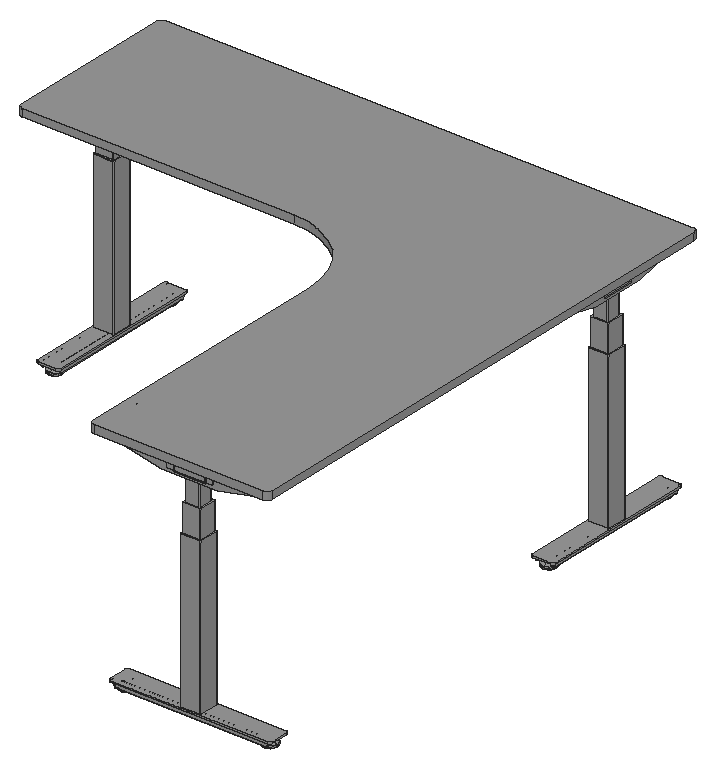
Revit family "3-Leg upCentric_72x72_Right", category Furniture, Revit 2014 (continued)
Definition of nested family "3-Leg upCentric_72x72_Left"
  Automatic sketch dimensions
    Extrusion 49 sketch curve to plane 5 = 0.27487"
    Extrusion 49 sketch curve to Extrusion 49 sketch curve = 0.11739"
    Extrusion 49 sketch curve to Extrusion 49 sketch curve = 0"  (x3)
    Extrusion 49 sketch curve to plane 1 "Center (Front/Back)" = 1.25975"
    Sweep 50 sketch curve to Extrusion 49 = 0.11209"
    Sweep 50 sketch curve to Sweep 50 sketch curve = 0.02062"
    Sweep 50 sketch curve to Sweep 50 sketch curve = 0.03753"
    Sweep 50 sketch curve to Extrusion 49 = 0.14501"
    Sweep 50 sketch curve to Extrusion 49 = 0.1326"
    Sweep 50 sketch curve to Sweep 50 sketch curve = 0.03238"
    Sweep 50 sketch curve to Extrusion 49 = 0.11232"
    Sweep 50 sketch curve to Extrusion 49 = 0.14442"
    Sweep 50 sketch curve to profile plane = 0"  (x2)
    Sweep 50 sketch curve to profile plane = 0.11204"
    Sweep 50 sketch curve to Sweep 50 sketch curve = 0.0814"
    Extrusion 51 sketch curve to Extrusion 49 = 0.16541"
    Extrusion 51 sketch curve to Extrusion 51 sketch curve = 0.06807"
    Extrusion 51 sketch curve to Extrusion 51 sketch curve = 0.06943"
    Extrusion 51 sketch curve to Extrusion 49 = 0.23554"
    Extrusion 51 sketch curve to Extrusion 49 = 0.23547"
    Extrusion 51 sketch curve to Extrusion 51 sketch curve = 0.07003"
    Extrusion 51 sketch curve to Extrusion 49 = 0.1654"
    Extrusion 51 sketch curve to Extrusion 49 = 0.2355"
    Extrusion 52 sketch curve to Extrusion 49 = 0.39379"
    Extrusion 52 sketch curve to Extrusion 52 sketch curve = 0.11789"
    Extrusion 52 sketch curve to Extrusion 52 sketch curve = 0.11814"
    Extrusion 52 sketch curve to Extrusion 49 = 0.51262"
    Extrusion 52 sketch curve to Extrusion 49 = 0.51108"
    Extrusion 52 sketch curve to Extrusion 52 sketch curve = 0.11737"
    Extrusion 52 sketch curve to Extrusion 49 = 0.39369"
    Extrusion 52 sketch curve to Extrusion 49 = 0.5116"
    Extrusion 49 to Extrusion 53 sketch curve = 0.15738"
    Extrusion 49 to Extrusion 53 sketch curve = 0.15741"
    Extrusion 53 sketch curve to Extrusion 49 = 0.19501"
    Extrusion 53 sketch curve to Extrusion 49 = 0.19614"
    Extrusion 53 sketch curve to Extrusion 49 = 0.19747"
    Extrusion 53 sketch curve to Extrusion 49 = 0.19587"
    Extrusion 49 to Extrusion 53 sketch curve = 0.15748"
    Extrusion 49 to Extrusion 53 sketch curve = 9.44883"
    Extrusion 53 sketch curve to Extrusion 53 sketch curve = 0"  (x2)
    Extrusion 49 to Extrusion 53 sketch curve = 9.09386"
    Revolve 54 sketch curve to level = 0"
    level to Revolve 54 sketch curve = 0.20736"
    plane 27 to Revolve 54 sketch curve = 3.78767"
    level to Revolve 54 sketch curve = 0.24507"
    Revolve 54 sketch curve to Revolve 54 sketch curve = 0.02763"
    level to Revolve 54 sketch curve = 0.03758"
    Revolve 54 sketch curve to Revolve 54 sketch curve = 0.71987"
    Revolve 54 sketch curve to Revolve 54 sketch curve = 0.23679"
    level to Revolve 54 sketch curve = 0.47256"
    Revolve 54 sketch curve to Revolve 54 sketch curve = 0"
    Revolve 54 sketch curve to Revolve 54 sketch curve = 0.15913"
    Revolve 54 sketch curve to Revolve 54 sketch curve = 0.31484"
    Revolve 55 sketch curve to level = 0"
    level to Revolve 55 sketch curve = 0.20736"
    Revolve 55 sketch curve to plane 6 = 4.25267"
    level to Revolve 55 sketch curve = 0.24507"
    Revolve 55 sketch curve to Revolve 55 sketch curve = 0.02763"
    level to Revolve 55 sketch curve = 0.03758"
    Revolve 55 sketch curve to Revolve 55 sketch curve = 0.71987"
    Revolve 55 sketch curve to Revolve 55 sketch curve = 0.23679"
    level to Revolve 55 sketch curve = 0.47256"
    Revolve 55 sketch curve to Revolve 55 sketch curve = 0"
    Revolve 55 sketch curve to Revolve 55 sketch curve = 0.31484"
    Revolve 55 sketch curve to Revolve 55 sketch curve = 0.15913"
    level to Extrusion 56 sketch curve = 1.06299"
    Extrusion 56 sketch curve to plane 6 = 4.34961"
    level to Extrusion 56 sketch curve = 0.47221"
    Extrusion 56 sketch curve to Extrusion 56 sketch curve = 0.34109"
    Extrusion 56 sketch curve to Extrusion 56 sketch curve = 0.06779"
    level to Extrusion 56 sketch curve = 0.43307"
    plane 27 to Extrusion 56 sketch curve = 4.2914"
    level to Extrusion 56 sketch curve = 0.47093"
    Extrusion 56 sketch curve to Extrusion 56 sketch curve = 0.06558"
    Extrusion 56 sketch curve to Extrusion 56 sketch curve = 0.34183"
    level to Sweep 57 sketch curve = 0.47221"
    Sweep 57 sketch curve to Sweep 57 sketch curve = 0.06779"
    level to Sweep 57 sketch curve = 0.50879"
    plane 27 to Sweep 57 sketch curve = 4.2914"
    level to Sweep 57 sketch curve = 0.47093"
    Sweep 57 sketch curve to Sweep 57 sketch curve = 0.06558"
    level to Sweep 57 sketch curve = 1.20472"
    level to Sweep 57 sketch curve = 1.06299"
    Sweep 57 sketch curve to Sweep 57 sketch curve = 0.34183"
    Sweep 57 sketch curve to profile plane = 0"
    profile plane to Sweep 57 sketch curve = 0.03937"
    profile plane to Sweep 57 sketch curve = 22.51969"
    Sweep 57 sketch curve to Sweep 57 sketch curve = 0.11811"
    level to Extrusion 58 sketch curve = 1.06299"
    Extrusion 58 sketch curve to plane 6 = 4.34961"
    level to Extrusion 58 sketch curve = 0.47221"
    Extrusion 58 sketch curve to Extrusion 58 sketch curve = 0.34109"
    Extrusion 58 sketch curve to Extrusion 58 sketch curve = 0.06779"
    level to Extrusion 58 sketch curve = 0.43307"
    plane 27 to Extrusion 58 sketch curve = 4.2914"
    level to Extrusion 58 sketch curve = 0.47093"
    Extrusion 58 sketch curve to Extrusion 58 sketch curve = 0.06558"
    Extrusion 58 sketch curve to Extrusion 58 sketch curve = 0.34183"
    level to Sweep 59 sketch curve = 0.47221"
    Sweep 59 sketch curve to plane 6 = 4.6907"
    Sweep 59 sketch curve to Sweep 59 sketch curve = 0.06779"
    level to Sweep 59 sketch curve = 0.50879"
    plane 27 to Sweep 59 sketch curve = 4.2914"
    level to Sweep 59 sketch curve = 0.47093"
    Sweep 59 sketch curve to Sweep 59 sketch curve = 0.06558"
    level to Sweep 59 sketch curve = 1.06299"  (x2)
    Sweep 59 sketch curve to Sweep 59 sketch curve = 0.34109"
    Sweep 59 sketch curve to Sweep 59 sketch curve = 0.34183"
    Sweep 59 sketch curve to profile plane = 0"
    Sweep 59 sketch curve to profile plane = 0.03937"
    profile plane to Sweep 59 sketch curve = 22.51969"
    Sweep 59 sketch curve to Sweep 59 sketch curve = 0.11811"
    Extrusion 60 sketch curve to plane 5 = 1.81102"
    Extrusion 60 sketch curve to Extrusion 60 sketch curve = 0.03937"  (x2)
    Extrusion 60 sketch curve to Extrusion 60 sketch curve = 0.47244"
    level to Extrusion 60 sketch curve = 0.74803"
    Extrusion 60 sketch curve to Extrusion 60 sketch curve = 0.27559"
    Revolve 61 sketch curve to plane 1 "Center (Front/Back)" = 0.71193"
    Revolve 61 sketch curve to Revolve 61 sketch curve = 0.27322"
    Revolve 61 sketch curve to Revolve 61 sketch curve = 0.31418"
    level to Revolve 61 sketch curve = 0.66929"
    Revolve 61 sketch curve to Revolve 61 sketch curve = 0.35275"
    Revolve 61 sketch curve to Revolve 61 sketch curve = 0"
    Revolve 61 sketch curve to Revolve 61 sketch curve = 0.20184"
    Revolve 61 sketch curve to Revolve 61 sketch curve = 0.1063"
    plane 1 "Center (Front/Back)" to Revolve 62 sketch curve = 0.71205"
    Revolve 62 sketch curve to Revolve 62 sketch curve = 0.27322"
    Revolve 62 sketch curve to Revolve 62 sketch curve = 0.31418"
    level to Revolve 62 sketch curve = 0.66929"
    Revolve 62 sketch curve to Revolve 62 sketch curve = 0.35275"
    Revolve 62 sketch curve to Revolve 62 sketch curve = 0"
    Revolve 62 sketch curve to Revolve 62 sketch curve = 0.20184"
    Revolve 62 sketch curve to Revolve 62 sketch curve = 0.1063"
    Revolve 63 sketch curve to plane 1 "Center (Front/Back)" = 0.71193"
    Revolve 63 sketch curve to Revolve 63 sketch curve = 0.27322"
    Revolve 63 sketch curve to Revolve 63 sketch curve = 0.31418"
    level to Revolve 63 sketch curve = 0.66929"
    Revolve 63 sketch curve to Revolve 63 sketch curve = 0.35275"
    Revolve 63 sketch curve to Revolve 63 sketch curve = 0"
    Revolve 63 sketch curve to Revolve 63 sketch curve = 0.20184"
    Revolve 63 sketch curve to Revolve 63 sketch curve = 0.1063"
    plane 1 "Center (Front/Back)" to Revolve 64 sketch curve = 0.71205"
    Revolve 64 sketch curve to Revolve 64 sketch curve = 0.27322"
    Revolve 64 sketch curve to Revolve 64 sketch curve = 0.31418"
    level to Revolve 64 sketch curve = 0.66929"
    Revolve 64 sketch curve to Revolve 64 sketch curve = 0.35275"
    Revolve 64 sketch curve to Revolve 64 sketch curve = 0"
    Revolve 64 sketch curve to Revolve 64 sketch curve = 0.20184"
    Revolve 64 sketch curve to Revolve 64 sketch curve = 0.1063"
    plane 10 to Revolve 65 sketch curve = 0"  (x2)
    Revolve 65 sketch curve to plane 18 = 5.88109"
    Revolve 65 sketch curve to plane 10 = 0.08858"
    Revolve 65 sketch curve to Revolve 65 sketch curve = 0.11563"
    Revolve 65 sketch curve to Revolve 65 sketch curve = 0.02263"  (x2)
    Revolve 65 sketch curve to Revolve 65 sketch curve = 0.1177"
    Revolve 65 sketch curve to Revolve 65 sketch curve = 0.0492"
    plane 10 to Revolve 66 sketch curve = 0"  (x2)
    Revolve 66 sketch curve to plane 18 = 1.93982"
    Revolve 66 sketch curve to plane 10 = 0.08858"
    Revolve 66 sketch curve to Revolve 66 sketch curve = 0.11563"
    Revolve 66 sketch curve to Revolve 66 sketch curve = 0.02263"  (x2)
    Revolve 66 sketch curve to Revolve 66 sketch curve = 0.1177"
    Revolve 66 sketch curve to Revolve 66 sketch curve = 0.0492"
    plane 10 to Revolve 67 sketch curve = 0"  (x2)
    Revolve 67 sketch curve to plane 6 = 7.21804"
    Revolve 67 sketch curve to plane 10 = 0.08858"
    Revolve 67 sketch curve to Revolve 67 sketch curve = 0.11563"
    Revolve 67 sketch curve to Revolve 67 sketch curve = 0.02263"  (x2)
    Revolve 67 sketch curve to Revolve 67 sketch curve = 0.1177"
    Revolve 67 sketch curve to Revolve 67 sketch curve = 0.0492"
    plane 10 to Revolve 68 sketch curve = 0"  (x2)
    Revolve 68 sketch curve to plane 1 "Center (Front/Back)" = 3.65707"
    Revolve 68 sketch curve to plane 10 = 0.08858"
    Revolve 68 sketch curve to Revolve 68 sketch curve = 0.11563"
    Revolve 68 sketch curve to Revolve 68 sketch curve = 0.02263"  (x2)
    Revolve 68 sketch curve to Revolve 68 sketch curve = 0.1177"
    Revolve 68 sketch curve to Revolve 68 sketch curve = 0.0492"
    Revolve 69 sketch curve to plane 5 = 1.19712"
    Revolve 69 sketch curve to plane 1 "Center (Front/Back)" = 3.17271"
    Revolve 69 sketch curve to plane 5 = 1.21896"
    Revolve 69 sketch curve to Revolve 69 sketch curve = 0.02184"
    Revolve 69 sketch curve to plane 5 = 0.97987"
    Revolve 69 sketch curve to Revolve 69 sketch curve = 0.04328"  (x2)
    Revolve 69 sketch curve to Revolve 69 sketch curve = 0.07483"
    Revolve 69 sketch curve to Revolve 69 sketch curve = 0.12063"
    Revolve 69 sketch curve to Revolve 69 sketch curve = 0"
    Revolve 69 sketch curve to Revolve 69 sketch curve = 0.19607"
    Revolve 70 sketch curve to plane 18 = 1.33435"
    Revolve 70 sketch curve to Revolve 70 sketch curve = 0.07483"
    Revolve 70 sketch curve to Revolve 70 sketch curve = 0.09627"
    Revolve 70 sketch curve to Revolve 70 sketch curve = 0.02184"  (x2)
    Revolve 70 sketch curve to plane 5 = 0.98155"
    Revolve 70 sketch curve to Revolve 70 sketch curve = 0.04328"
    Revolve 70 sketch curve to Revolve 70 sketch curve = 0.17398"
    Revolve 70 sketch curve to Revolve 70 sketch curve = 0"
    Revolve 70 sketch curve to Revolve 70 sketch curve = 0.2169"
    Revolve 70 sketch curve to Revolve 70 sketch curve = 0.19607"
    Revolve 71 sketch curve to plane 5 = 1.75268"
    Revolve 71 sketch curve to plane 1 "Center (Front/Back)" = 3.35109"
    Revolve 71 sketch curve to Revolve 71 sketch curve = 0.03129"
    Revolve 71 sketch curve to Revolve 71 sketch curve = 0.27208"
    Revolve 71 sketch curve to Revolve 71 sketch curve = 0.97575"
    Revolve 71 sketch curve to Revolve 71 sketch curve = 0.04282"
    Revolve 71 sketch curve to Revolve 71 sketch curve = 0.30477"
    Revolve 71 sketch curve to Revolve 71 sketch curve = 0.01324"  (x2)
    Revolve 71 sketch curve to Revolve 71 sketch curve = 0.02616"
    Revolve 71 sketch curve to Revolve 71 sketch curve = 0"
    Revolve 71 sketch curve to Revolve 71 sketch curve = 0.1073"
    Revolve 71 sketch curve to Revolve 71 sketch curve = 0.00507"
    Revolve 71 sketch curve to Revolve 71 sketch curve = 0.14739"
    Revolve 71 sketch curve to Revolve 71 sketch curve = 0.4645"
    Revolve 72 sketch curve to plane 18 = 1.63146"
    Revolve 72 sketch curve to Revolve 72 sketch curve = 0.03129"
    Revolve 72 sketch curve to Revolve 72 sketch curve = 0.27208"
    Revolve 72 sketch curve to plane 18 = 0.35235"
    Revolve 72 sketch curve to plane 5 = 1.77884"
    Revolve 72 sketch curve to Revolve 72 sketch curve = 0.02616"
    Revolve 72 sketch curve to Revolve 72 sketch curve = 0.04282"
    Revolve 72 sketch curve to Revolve 72 sketch curve = 0.30477"
    Revolve 72 sketch curve to Revolve 72 sketch curve = 0.01324"
    Revolve 72 sketch curve to Revolve 72 sketch curve = 0"  (x2)
    Revolve 72 sketch curve to Revolve 72 sketch curve = 0.1073"
    Revolve 72 sketch curve to Revolve 72 sketch curve = 0.00507"
    Revolve 72 sketch curve to Revolve 72 sketch curve = 0.14739"
    Revolve 72 sketch curve to Revolve 72 sketch curve = 0.4645"
    plane 10 to Extrusion 73 sketch curve = 0"
    plane 27 to Extrusion 73 sketch curve = 4.4273"
    Extrusion 73 sketch curve to plane 15 = 0.02809"
    Extrusion 73 sketch curve to Extrusion 73 sketch curve = 0.68428"
    Extrusion 73 sketch curve to plane 15 = 0.09244"
    Extrusion 73 sketch curve to Extrusion 73 sketch curve = 0.10658"
    Extrusion 73 sketch curve to plane 17 = 0.04745"
    Extrusion 73 sketch curve to plane 18 = 2.02239"
    Extrusion 73 sketch curve to plane 1 "Center (Front/Back)" = 3.7367"
    Extrusion 73 sketch curve to plane 17 = 0.05436"
    Extrusion 73 sketch curve to Extrusion 73 sketch curve = 5.34072"
    Extrusion 73 sketch curve to plane 15 = 0.09189"
    Extrusion 73 sketch curve to Extrusion 73 sketch curve = 0.03919"
    Extrusion 73 sketch curve to plane 15 = 0.03009"
    Extrusion 73 sketch curve to Extrusion 73 sketch curve = 0.68596"
    Revolve 74 sketch curve to plane 10 = 0.05484"
    plane 24 to Revolve 74 sketch curve = 7.83629"
    Revolve 74 sketch curve to plane 10 = 0.07851"
    Revolve 74 sketch curve to Revolve 74 sketch curve = 0.02367"
    plane 10 to Revolve 74 sketch curve = 0.00023"
    Revolve 74 sketch curve to Revolve 74 sketch curve = 0.13796"
    plane 29 to Revolve 74 sketch curve = 0.0148"
    Revolve 74 sketch curve to Revolve 74 sketch curve = 0.12448"
    Revolve 74 sketch curve to Revolve 74 sketch curve = 0.07107"
    plane 24 to Extrusion 75 sketch curve = 7.17642"
    Extrusion 75 sketch curve to Extrusion 75 sketch curve = 0.19693"
    Extrusion 75 sketch curve to Extrusion 75 sketch curve = 0.19639"
    Extrusion 75 sketch curve to Extrusion 75 sketch curve = 0.39588"
    Extrusion 75 sketch curve to Extrusion 75 sketch curve = 0.2014"
    Extrusion 75 sketch curve to Extrusion 75 sketch curve = 0.19269"
    Extrusion 75 sketch curve to plane 5 = 7.87594"
    Extrusion 75 sketch curve to Extrusion 75 sketch curve = 0.51061"
    Extrusion 75 sketch curve to Extrusion 75 sketch curve = 1.27923"
    Extrusion 75 sketch curve to Extrusion 75 sketch curve = 0.21573"
    Revolve 76 sketch curve to plane 10 = 0.05484"
    plane 24 to Revolve 76 sketch curve = 7.31472"
    Revolve 76 sketch curve to plane 10 = 0.07851"
    Revolve 76 sketch curve to Revolve 76 sketch curve = 0.02367"
    plane 10 to Revolve 76 sketch curve = 0.00023"
    Revolve 76 sketch curve to Revolve 76 sketch curve = 0.13796"
    plane 29 to Revolve 76 sketch curve = 0.0148"
    Revolve 76 sketch curve to Revolve 76 sketch curve = 0.12448"
    Revolve 76 sketch curve to Revolve 76 sketch curve = 0.07107"
    plane 24 to Extrusion 77 sketch curve = 7.96054"
    Extrusion 77 sketch curve to Extrusion 77 sketch curve = 0.11693"
    Extrusion 77 sketch curve to Extrusion 77 sketch curve = 0.27466"
    Extrusion 77 sketch curve to Extrusion 77 sketch curve = 0.27874"
    Extrusion 77 sketch curve to Extrusion 77 sketch curve = 0.11706"
    Extrusion 77 sketch curve to plane 26 = 9.35256"
    Extrusion 77 sketch curve to Extrusion 77 sketch curve = 0.67814"
    Extrusion 77 sketch curve to Extrusion 77 sketch curve = 0.26986"
    Revolve 78 sketch curve to plane 10 = 0.05484"
    plane 24 to Revolve 78 sketch curve = 7.82652"
    Revolve 78 sketch curve to plane 10 = 0.07851"
    Revolve 78 sketch curve to Revolve 78 sketch curve = 0.02367"
    plane 10 to Revolve 78 sketch curve = 0.00023"
    Revolve 78 sketch curve to Revolve 78 sketch curve = 0.13796"
    plane 29 to Revolve 78 sketch curve = 0.0148"
    Revolve 78 sketch curve to Revolve 78 sketch curve = 0.12448"
    Revolve 78 sketch curve to Revolve 78 sketch curve = 0.07107"
    plane 10 to Extrusion 79 sketch curve = 0"
    Extrusion 79 sketch curve to plane 15 = 0.0689"
    plane 24 to Extrusion 79 sketch curve = 4.00744"
    Extrusion 79 sketch curve to Extrusion 79 sketch curve = 0.15748"  (x2)
    Extrusion 79 sketch curve to Extrusion 79 sketch curve = 0.19685"
    plane 10 to Extrusion 79 sketch curve = 0.03668"
    Extrusion 79 sketch curve to Extrusion 79 sketch curve = 0.60382"
    Extrusion 79 sketch curve to Extrusion 79 sketch curve = 0.05762"
    plane 29 to Extrusion 79 sketch curve = 0.01282"
    Extrusion 79 sketch curve to Extrusion 79 sketch curve = 6.31827"
    Extrusion 79 sketch curve to Extrusion 79 sketch curve = 0.03937"
    plane 16 to Extrusion 79 sketch curve = 0.09116"  (x2)
    Revolve 80 sketch curve to plane 10 = 0"  (x2)
    Revolve 80 sketch curve to plane 5 = 2.45989"
    Revolve 80 sketch curve to plane 10 = 0.08858"
    Revolve 80 sketch curve to Revolve 80 sketch curve = 0.11563"
    Revolve 80 sketch curve to Revolve 80 sketch curve = 0.02263"  (x2)
    Revolve 80 sketch curve to Revolve 80 sketch curve = 0.1177"
    Revolve 80 sketch curve to Revolve 80 sketch curve = 0.0492"
    Revolve 81 sketch curve to plane 10 = 0"  (x2)
    Revolve 81 sketch curve to plane 5 = 6.40116"
    Revolve 81 sketch curve to plane 10 = 0.08858"
    Revolve 81 sketch curve to Revolve 81 sketch curve = 0.11563"
    Revolve 81 sketch curve to Revolve 81 sketch curve = 0.02263"  (x2)
    Revolve 81 sketch curve to Revolve 81 sketch curve = 0.1177"
    Revolve 81 sketch curve to Revolve 81 sketch curve = 0.0492"
    Revolve 82 sketch curve to plane 5 = 7.00663"
    Revolve 82 sketch curve to Revolve 82 sketch curve = 0.07483"
    Revolve 82 sketch curve to Revolve 82 sketch curve = 0.09627"
    Revolve 82 sketch curve to Revolve 82 sketch curve = 0.02184"  (x2)
    plane 24 to Revolve 82 sketch curve = 10.19202"
    Revolve 82 sketch curve to Revolve 82 sketch curve = 0.17398"
    Revolve 82 sketch curve to Revolve 82 sketch curve = 0.04328"
    Revolve 82 sketch curve to Revolve 82 sketch curve = 0"
    Revolve 82 sketch curve to Revolve 82 sketch curve = 0.2169"
    Revolve 82 sketch curve to Revolve 82 sketch curve = 0.19607"
    Revolve 83 sketch curve to plane 5 = 6.70952"
    Revolve 83 sketch curve to Revolve 83 sketch curve = 0.03129"
    Revolve 83 sketch curve to Revolve 83 sketch curve = 0.27208"
    Revolve 83 sketch curve to Revolve 83 sketch curve = 0.97575"
    plane 24 to Revolve 83 sketch curve = 10.02081"
    Revolve 83 sketch curve to Revolve 83 sketch curve = 0.01324"
    Revolve 83 sketch curve to Revolve 83 sketch curve = 0.30477"
    Revolve 83 sketch curve to Revolve 83 sketch curve = 0.04282"
    Revolve 83 sketch curve to Revolve 83 sketch curve = 0.02616"
    Revolve 83 sketch curve to Revolve 83 sketch curve = 0"  (x2)
    Revolve 83 sketch curve to Revolve 83 sketch curve = 0.1073"
    Revolve 83 sketch curve to Revolve 83 sketch curve = 0.00507"
    Revolve 83 sketch curve to Revolve 83 sketch curve = 0.14739"
    Revolve 83 sketch curve to Revolve 83 sketch curve = 0.4645"
    plane 16 to Extrusion 84 sketch curve = 0.4958"
    plane 3 "Center (Left/Right)" to Extrusion 84 sketch curve = 9.56486"
    Extrusion 84 sketch curve to Extrusion 84 sketch curve = 1.24202"
    Extrusion 85 sketch curve to plane 10 = 0"
    Extrusion 85 sketch curve to plane 15 = 0.0689"
    plane 9 to Extrusion 85 sketch curve = 15.33901"
    Extrusion 85 sketch curve to Extrusion 85 sketch curve = 0.15748"  (x4)
    Extrusion 85 sketch curve to Extrusion 85 sketch curve = 0.19685"
    plane 10 to Extrusion 85 sketch curve = 0.03668"
    Extrusion 85 sketch curve to Extrusion 85 sketch curve = 0.60382"
    Extrusion 85 sketch curve to Extrusion 85 sketch curve = 0.05762"
    plane 29 to Extrusion 85 sketch curve = 0.01282"
    Extrusion 85 sketch curve to Extrusion 85 sketch curve = 6.31827"
    Extrusion 85 sketch curve to Extrusion 85 sketch curve = 0.03937"
    plane 21 to Extrusion 86 sketch curve = 0.34034"
    plane 30 to Extrusion 86 sketch curve = 13.87565"
    plane 1 "Center (Front/Back)" to Extrusion 86 sketch curve = 1.37714"
    Extrusion 86 sketch curve to Extrusion 86 sketch curve = 0.11741"  (x3)
    Extrusion 86 sketch curve to Extrusion 86 sketch curve = 2.52118"
    plane 21 to Extrusion 86 sketch curve = 0.34032"
    Extrusion 86 sketch curve to Extrusion 86 sketch curve = 0"  (x3)
    Extrusion 86 sketch curve to Extrusion 86 sketch curve = 0.11739"
    plane 1 "Center (Front/Back)" to Extrusion 86 sketch curve = 1.25975"
    Extrusion 86 to Sweep 87 sketch curve = 0.11209"
    Sweep 87 sketch curve to Sweep 87 sketch curve = 0.02062"
    Sweep 87 sketch curve to Sweep 87 sketch curve = 0.03753"
    Extrusion 86 to Sweep 87 sketch curve = 0.14501"
    Extrusion 86 to Sweep 87 sketch curve = 0.1326"
    Sweep 87 sketch curve to Sweep 87 sketch curve = 0.03238"
    Extrusion 86 to Sweep 87 sketch curve = 0.11232"
    Extrusion 86 to Sweep 87 sketch curve = 0.14442"
    Sweep 87 sketch curve to profile plane = 0"  (x2)
    Sweep 87 sketch curve to Sweep 87 sketch curve = 0.11204"
    Sweep 87 sketch curve to Sweep 87 sketch curve = 0.0814"
    Extrusion 86 to Extrusion 88 sketch curve = 0.16541"
    Extrusion 88 sketch curve to Extrusion 88 sketch curve = 0.06807"
    Extrusion 88 sketch curve to Extrusion 88 sketch curve = 0.06943"
    Extrusion 86 to Extrusion 88 sketch curve = 0.23554"
    Extrusion 86 to Extrusion 88 sketch curve = 0.23547"
    Extrusion 88 sketch curve to Extrusion 88 sketch curve = 0.07003"
    Extrusion 86 to Extrusion 88 sketch curve = 0.1654"
    Extrusion 86 to Extrusion 88 sketch curve = 0.2355"
    Extrusion 86 to Extrusion 89 sketch curve = 0.39379"
    Extrusion 89 sketch curve to Extrusion 89 sketch curve = 0.11789"
    Extrusion 89 sketch curve to Extrusion 89 sketch curve = 0.11814"
    Extrusion 86 to Extrusion 89 sketch curve = 0.51262"
    Extrusion 86 to Extrusion 89 sketch curve = 0.51108"
    Extrusion 89 sketch curve to Extrusion 89 sketch curve = 0.11737"
    Extrusion 86 to Extrusion 89 sketch curve = 0.39369"
    Extrusion 86 to Extrusion 89 sketch curve = 0.5116"
    Extrusion 90 sketch curve to Extrusion 86 = 0.15738"
    Extrusion 90 sketch curve to Extrusion 86 = 0.15741"
    Extrusion 86 to Extrusion 90 sketch curve = 0.19501"
    Extrusion 86 to Extrusion 90 sketch curve = 0.19614"
    Extrusion 86 to Extrusion 90 sketch curve = 0.19747"
    Extrusion 86 to Extrusion 90 sketch curve = 0.19587"
    Extrusion 90 sketch curve to Extrusion 86 = 0.15748"
    Extrusion 90 sketch curve to Extrusion 86 = 9.44883"
    Extrusion 90 sketch curve to Extrusion 90 sketch curve = 0"  (x2)
    Extrusion 90 sketch curve to Extrusion 86 = 9.09386"
    Revolve 91 sketch curve to level = 0"
    level to Revolve 91 sketch curve = 0.20736"
    plane 27 to Revolve 91 sketch curve = 3.78767"
    level to Revolve 91 sketch curve = 0.24507"
    Revolve 91 sketch curve to Revolve 91 sketch curve = 0.02763"
    level to Revolve 91 sketch curve = 0.03758"
    Revolve 91 sketch curve to Revolve 91 sketch curve = 0.71987"
    Revolve 91 sketch curve to Revolve 91 sketch curve = 0.23679"
    level to Revolve 91 sketch curve = 0.47256"
    Revolve 91 sketch curve to Revolve 91 sketch curve = 0"
    Revolve 91 sketch curve to Revolve 91 sketch curve = 0.31484"
    Revolve 91 sketch curve to Revolve 91 sketch curve = 0.15913"
    Revolve 92 sketch curve to level = 0"
    level to Revolve 92 sketch curve = 0.20736"
    Revolve 92 sketch curve to plane 6 = 4.25267"
    level to Revolve 92 sketch curve = 0.24507"
    Revolve 92 sketch curve to Revolve 92 sketch curve = 0.02763"
    level to Revolve 92 sketch curve = 0.03758"
    Revolve 92 sketch curve to Revolve 92 sketch curve = 0.71987"
    Revolve 92 sketch curve to Revolve 92 sketch curve = 0.23679"
    level to Revolve 92 sketch curve = 0.47256"
    Revolve 92 sketch curve to Revolve 92 sketch curve = 0"
    Revolve 92 sketch curve to Revolve 92 sketch curve = 0.15913"
    Revolve 92 sketch curve to Revolve 92 sketch curve = 0.31484"
    level to Extrusion 93 sketch curve = 1.06299"
    Extrusion 93 sketch curve to plane 6 = 4.34961"
    level to Extrusion 93 sketch curve = 0.47221"
    Extrusion 93 sketch curve to Extrusion 93 sketch curve = 0.34109"
    Extrusion 93 sketch curve to Extrusion 93 sketch curve = 0.06779"
    level to Extrusion 93 sketch curve = 0.43307"
    plane 27 to Extrusion 93 sketch curve = 4.2914"
    level to Extrusion 93 sketch curve = 0.47093"
    Extrusion 93 sketch curve to Extrusion 93 sketch curve = 0.06558"
    Extrusion 93 sketch curve to Extrusion 93 sketch curve = 0.34183"
    level to Sweep 94 sketch curve = 0.47221"
    Sweep 94 sketch curve to Sweep 94 sketch curve = 0.06779"
    level to Sweep 94 sketch curve = 0.50879"
    plane 27 to Sweep 94 sketch curve = 4.2914"
    level to Sweep 94 sketch curve = 0.47093"
    Sweep 94 sketch curve to Sweep 94 sketch curve = 0.06558"
    level to Sweep 94 sketch curve = 1.20472"
    level to Sweep 94 sketch curve = 1.06299"
    Sweep 94 sketch curve to Sweep 94 sketch curve = 0.34183"
    Sweep 94 sketch curve to profile plane = 0"
    Sweep 94 sketch curve to Sweep 94 sketch curve = 0.03937"
    profile plane to Sweep 94 sketch curve = 22.51969"
    Sweep 94 sketch curve to Sweep 94 sketch curve = 0.11811"
    level to Extrusion 95 sketch curve = 1.06299"
    Extrusion 95 sketch curve to plane 6 = 4.34961"
    level to Extrusion 95 sketch curve = 0.47221"
    Extrusion 95 sketch curve to Extrusion 95 sketch curve = 0.34109"
    Extrusion 95 sketch curve to Extrusion 95 sketch curve = 0.06779"
    level to Extrusion 95 sketch curve = 0.43307"
    plane 27 to Extrusion 95 sketch curve = 4.2914"
    level to Extrusion 95 sketch curve = 0.47093"
    Extrusion 95 sketch curve to Extrusion 95 sketch curve = 0.06558"
    Extrusion 95 sketch curve to Extrusion 95 sketch curve = 0.34183"
    level to Sweep 96 sketch curve = 0.47221"
    Sweep 96 sketch curve to plane 6 = 4.6907"
    Sweep 96 sketch curve to Sweep 96 sketch curve = 0.06779"
    level to Sweep 96 sketch curve = 0.50879"
    plane 27 to Sweep 96 sketch curve = 4.2914"
    level to Sweep 96 sketch curve = 0.47093"
    Sweep 96 sketch curve to Sweep 96 sketch curve = 0.06558"
    level to Sweep 96 sketch curve = 1.06299"  (x2)
    Sweep 96 sketch curve to Sweep 96 sketch curve = 0.34109"
    Sweep 96 sketch curve to Sweep 96 sketch curve = 0.34183"
    Sweep 96 sketch curve to profile plane = 0"
    Sweep 96 sketch curve to Sweep 96 sketch curve = 0.03937"
    profile plane to Sweep 96 sketch curve = 22.51969"
    Sweep 96 sketch curve to Sweep 96 sketch curve = 0.11811"
    level to Extrusion 97 sketch curve = 1.06299"
    Extrusion 97 sketch curve to plane 30 = 12.77319"
    Extrusion 97 sketch curve to Extrusion 97 sketch curve = 0.03937"  (x2)
    Extrusion 97 sketch curve to Extrusion 97 sketch curve = 0.47244"
    Extrusion 97 sketch curve to Extrusion 97 sketch curve = 0.27559"
    Revolve 98 sketch curve to plane 1 "Center (Front/Back)" = 0.71193"
    Revolve 98 sketch curve to Revolve 98 sketch curve = 0.27322"
    Revolve 98 sketch curve to Revolve 98 sketch curve = 0.31418"
    level to Revolve 98 sketch curve = 1.06299"
    Revolve 98 sketch curve to Revolve 98 sketch curve = 0.35275"
    Revolve 98 sketch curve to Revolve 98 sketch curve = 0"
    Revolve 98 sketch curve to Revolve 98 sketch curve = 0.1063"
    Revolve 98 sketch curve to Revolve 98 sketch curve = 0.20184"
    plane 1 "Center (Front/Back)" to Revolve 99 sketch curve = 0.71205"
    Revolve 99 sketch curve to Revolve 99 sketch curve = 0.27322"
    Revolve 99 sketch curve to Revolve 99 sketch curve = 0.31418"
    level to Revolve 99 sketch curve = 1.06299"
    Revolve 99 sketch curve to Revolve 99 sketch curve = 0.35275"
    Revolve 99 sketch curve to Revolve 99 sketch curve = 0"
    Revolve 99 sketch curve to Revolve 99 sketch curve = 0.1063"
    Revolve 99 sketch curve to Revolve 99 sketch curve = 0.20184"
    Revolve 100 sketch curve to plane 1 "Center (Front/Back)" = 0.71193"
    Revolve 100 sketch curve to Revolve 100 sketch curve = 0.27322"
    Revolve 100 sketch curve to Revolve 100 sketch curve = 0.31418"
    level to Revolve 100 sketch curve = 1.06299"
    Revolve 100 sketch curve to Revolve 100 sketch curve = 0.35275"
    Revolve 100 sketch curve to Revolve 100 sketch curve = 0"
    Revolve 100 sketch curve to Revolve 100 sketch curve = 0.1063"
    Revolve 100 sketch curve to Revolve 100 sketch curve = 0.20184"
    plane 1 "Center (Front/Back)" to Revolve 101 sketch curve = 0.71205"
    Revolve 101 sketch curve to Revolve 101 sketch curve = 0.27322"
    Revolve 101 sketch curve to Revolve 101 sketch curve = 0.31418"
    level to Revolve 101 sketch curve = 1.06299"
    Revolve 101 sketch curve to Revolve 101 sketch curve = 0.35275"
    Revolve 101 sketch curve to Revolve 101 sketch curve = 0"
    Revolve 101 sketch curve to Revolve 101 sketch curve = 0.1063"
    Revolve 101 sketch curve to Revolve 101 sketch curve = 0.20184"
    plane 10 to Revolve 102 sketch curve = 0"  (x2)
    Revolve 102 sketch curve to plane 18 = 5.88109"
    Revolve 102 sketch curve to plane 10 = 0.08858"
    Revolve 102 sketch curve to Revolve 102 sketch curve = 0.11563"
    Revolve 102 sketch curve to Revolve 102 sketch curve = 0.02263"  (x2)
    Revolve 102 sketch curve to Revolve 102 sketch curve = 0.1177"
    Revolve 102 sketch curve to Revolve 102 sketch curve = 0.0492"
    plane 10 to Revolve 103 sketch curve = 0"  (x2)
    Revolve 103 sketch curve to plane 18 = 1.93982"
    Revolve 103 sketch curve to plane 10 = 0.08858"
    Revolve 103 sketch curve to Revolve 103 sketch curve = 0.11563"
    Revolve 103 sketch curve to Revolve 103 sketch curve = 0.02263"  (x2)
    Revolve 103 sketch curve to Revolve 103 sketch curve = 0.1177"
    Revolve 103 sketch curve to Revolve 103 sketch curve = 0.0492"
    plane 10 to Revolve 104 sketch curve = 0"  (x2)
    Revolve 104 sketch curve to plane 6 = 7.21804"
    Revolve 104 sketch curve to plane 10 = 0.08858"
    Revolve 104 sketch curve to Revolve 104 sketch curve = 0.11563"
    Revolve 104 sketch curve to Revolve 104 sketch curve = 0.02263"  (x2)
    Revolve 104 sketch curve to Revolve 104 sketch curve = 0.1177"
    Revolve 104 sketch curve to Revolve 104 sketch curve = 0.0492"
    plane 10 to Revolve 105 sketch curve = 0"  (x2)
    Revolve 105 sketch curve to plane 1 "Center (Front/Back)" = 3.65707"
    Revolve 105 sketch curve to plane 10 = 0.08858"
    Revolve 105 sketch curve to Revolve 105 sketch curve = 0.11563"
    Revolve 105 sketch curve to Revolve 105 sketch curve = 0.02263"  (x2)
    Revolve 105 sketch curve to Revolve 105 sketch curve = 0.1177"
    Revolve 105 sketch curve to Revolve 105 sketch curve = 0.0492"
    Revolve 106 sketch curve to plane 1 "Center (Front/Back)" = 3.17271"
    Revolve 106 sketch curve to Revolve 106 sketch curve = 0.02184"  (x2)
    Revolve 106 sketch curve to Revolve 106 sketch curve = 0.04328"  (x2)
    Revolve 106 sketch curve to Revolve 106 sketch curve = 0.07483"
    Revolve 106 sketch curve to plane 30 = 12.18113"
    Revolve 106 sketch curve to Revolve 106 sketch curve = 0.17398"
    Revolve 106 sketch curve to Revolve 106 sketch curve = 0.12063"
    Revolve 106 sketch curve to Revolve 106 sketch curve = 0"
    Revolve 106 sketch curve to Revolve 106 sketch curve = 0.19607"
    Revolve 107 sketch curve to plane 18 = 1.33435"
    Revolve 107 sketch curve to Revolve 107 sketch curve = 0.07483"
    Revolve 107 sketch curve to Revolve 107 sketch curve = 0.09627"
    Revolve 107 sketch curve to Revolve 107 sketch curve = 0.02184"  (x2)
    Revolve 107 sketch curve to plane 30 = 12.18281"
    Revolve 107 sketch curve to Revolve 107 sketch curve = 0.17398"
    Revolve 107 sketch curve to Revolve 107 sketch curve = 0.04328"
    Revolve 107 sketch curve to Revolve 107 sketch curve = 0"
    Revolve 107 sketch curve to Revolve 107 sketch curve = 0.2169"
    Revolve 107 sketch curve to Revolve 107 sketch curve = 0.19607"
    Revolve 108 sketch curve to plane 1 "Center (Front/Back)" = 3.35109"
    Revolve 108 sketch curve to Revolve 108 sketch curve = 0.03129"
    Revolve 108 sketch curve to Revolve 108 sketch curve = 0.27208"
    Revolve 108 sketch curve to Revolve 108 sketch curve = 0.97575"
    Revolve 108 sketch curve to plane 30 = 12.74101"
    Revolve 108 sketch curve to Revolve 108 sketch curve = 0.02616"
    Revolve 108 sketch curve to Revolve 108 sketch curve = 0.04282"
    Revolve 108 sketch curve to Revolve 108 sketch curve = 0.30477"
    Revolve 108 sketch curve to Revolve 108 sketch curve = 0.01324"
    Revolve 108 sketch curve to Revolve 108 sketch curve = 0"  (x2)
    Revolve 108 sketch curve to Revolve 108 sketch curve = 0.00507"
    Revolve 108 sketch curve to Revolve 108 sketch curve = 0.14739"
    Revolve 108 sketch curve to Revolve 108 sketch curve = 0.4645"
    Revolve 109 sketch curve to plane 18 = 1.63146"
    Revolve 109 sketch curve to Revolve 109 sketch curve = 0.03129"
    Revolve 109 sketch curve to Revolve 109 sketch curve = 0.27208"
    Revolve 109 sketch curve to plane 18 = 0.35235"
    Revolve 109 sketch curve to plane 30 = 12.35403"
    Revolve 109 sketch curve to Revolve 109 sketch curve = 0.01324"
    Revolve 109 sketch curve to Revolve 109 sketch curve = 0.30477"
    Revolve 109 sketch curve to Revolve 109 sketch curve = 0.04282"
    Revolve 109 sketch curve to Revolve 109 sketch curve = 0.02616"
    Revolve 109 sketch curve to Revolve 109 sketch curve = 0"  (x2)
    Revolve 109 sketch curve to Revolve 109 sketch curve = 0.1073"
    Revolve 109 sketch curve to Revolve 109 sketch curve = 0.00507"
    Revolve 109 sketch curve to Revolve 109 sketch curve = 0.14739"
    Revolve 109 sketch curve to Revolve 109 sketch curve = 0.4645"
    plane 10 to Extrusion 110 sketch curve = 0"
    plane 27 to Extrusion 110 sketch curve = 4.4273"
    Extrusion 110 sketch curve to plane 15 = 0.02809"
    Extrusion 110 sketch curve to Extrusion 110 sketch curve = 0.68428"
    Extrusion 110 sketch curve to plane 15 = 0.09244"
    Extrusion 110 sketch curve to Extrusion 110 sketch curve = 0.10658"
    Extrusion 110 sketch curve to plane 17 = 0.04745"
    Extrusion 110 sketch curve to plane 18 = 2.02239"
    Extrusion 110 sketch curve to plane 1 "Center (Front/Back)" = 3.7367"
    Extrusion 110 sketch curve to plane 17 = 0.05436"
    Extrusion 110 sketch curve to Extrusion 110 sketch curve = 5.34072"
    Extrusion 110 sketch curve to plane 15 = 0.09189"
    Extrusion 110 sketch curve to Extrusion 110 sketch curve = 0.03919"
    Extrusion 110 sketch curve to plane 15 = 0.03009"
    Extrusion 110 sketch curve to Extrusion 110 sketch curve = 0.68596"
    plane 10 to Extrusion 111 sketch curve = 0"
    plane 17 to Extrusion 111 sketch curve = 0.20173"
    plane 27 to Extrusion 111 sketch curve = 1.49361"
    Extrusion 111 sketch curve to Extrusion 111 sketch curve = 1/64"
    plane 17 to Extrusion 111 sketch curve = 0.16747"
    Extrusion 111 sketch curve to Extrusion 111 sketch curve = 0.22052"
    plane 10 to Extrusion 111 sketch curve = 0.03594"
    Extrusion 111 sketch curve to Extrusion 111 sketch curve = 0.117"
    plane 29 to Extrusion 111 sketch curve = 0.00935"
    plane 17 to Extrusion 111 sketch curve = 0.27065"
    Extrusion 111 sketch curve to Extrusion 111 sketch curve = 0.24909"
    plane 29 to Extrusion 111 sketch curve = 0.14275"
    Extrusion 111 sketch curve to Extrusion 111 sketch curve = 0.13594"
    Extrusion 111 sketch curve to Extrusion 111 sketch curve = 0.12789"
    plane 29 to Extrusion 111 sketch curve = 0.03111"
    Extrusion 111 sketch curve to Extrusion 111 sketch curve = 0.17234"
    Extrusion 111 sketch curve to Extrusion 111 sketch curve = 0.05867"
    Extrusion 111 to Extrusion 112 sketch curve = 0.26606"
    Extrusion 111 to Extrusion 112 sketch curve = 0.45911"
    Extrusion 111 to Extrusion 113 sketch curve = 0.26606"
    Extrusion 111 to Extrusion 113 sketch curve = 0.9813"
    Extrusion 111 to Extrusion 114 sketch curve = 0.1428"
    Extrusion 114 sketch curve to Extrusion 111 = 0.10176"
    Extrusion 111 to Extrusion 114 sketch curve = 1.67033"
    Extrusion 114 sketch curve to Extrusion 114 sketch curve = 0.16977"  (x2)
    Extrusion 111 to Extrusion 115 sketch curve = 0.26606"
    Extrusion 111 to Extrusion 115 sketch curve = 0.45911"
    Extrusion 111 to Extrusion 116 sketch curve = 0.26606"
    Extrusion 111 to Extrusion 116 sketch curve = 0.9813"
    Extrusion 111 to Extrusion 117 sketch curve = 0.0803"
    Extrusion 117 sketch curve to Extrusion 111 = 0.16426"
    Extrusion 111 to Extrusion 117 sketch curve = 1.33078"
    Extrusion 117 sketch curve to Extrusion 117 sketch curve = 0.16977"  (x2)
    Extrusion 111 to Extrusion 118 sketch curve = 0.05571"
    Extrusion 118 sketch curve to Extrusion 111 = 0.12798"
    Extrusion 111 to Extrusion 118 sketch curve = 1.7769"
    Extrusion 118 sketch curve to Extrusion 118 sketch curve = 0.44947"
    Revolve 119 sketch curve to plane 10 = 0"  (x2)
    Revolve 119 sketch curve to plane 5 = 2.45989"
    Revolve 119 sketch curve to plane 10 = 0.08858"
    Revolve 119 sketch curve to Revolve 119 sketch curve = 0.11563"
    Revolve 119 sketch curve to Revolve 119 sketch curve = 0.02263"  (x2)
    Revolve 119 sketch curve to Revolve 119 sketch curve = 0.1177"
    Revolve 119 sketch curve to Revolve 119 sketch curve = 0.0492"
    Revolve 120 sketch curve to plane 10 = 0"  (x2)
    Revolve 120 sketch curve to plane 5 = 6.40116"
    Revolve 120 sketch curve to plane 10 = 0.08858"
    Revolve 120 sketch curve to Revolve 120 sketch curve = 0.11563"
    Revolve 120 sketch curve to Revolve 120 sketch curve = 0.02263"  (x2)
    Revolve 120 sketch curve to Revolve 120 sketch curve = 0.1177"
    Revolve 120 sketch curve to Revolve 120 sketch curve = 0.0492"
    Revolve 121 sketch curve to plane 10 = 0"  (x2)
    Revolve 121 sketch curve to plane 26 = 4.10859"
    Revolve 121 sketch curve to plane 10 = 0.08858"
    Revolve 121 sketch curve to Revolve 121 sketch curve = 0.11563"
    Revolve 121 sketch curve to Revolve 121 sketch curve = 0.02263"  (x2)
    Revolve 121 sketch curve to Revolve 121 sketch curve = 0.1177"
    Revolve 121 sketch curve to Revolve 121 sketch curve = 0.0492"
    Revolve 122 sketch curve to plane 10 = 0"  (x2)
    Revolve 122 sketch curve to plane 26 = 8.03663"
    Revolve 122 sketch curve to plane 10 = 0.08858"
    Revolve 122 sketch curve to Revolve 122 sketch curve = 0.11563"
    Revolve 122 sketch curve to Revolve 122 sketch curve = 0.02263"  (x2)
    Revolve 122 sketch curve to Revolve 122 sketch curve = 0.1177"
    Revolve 122 sketch curve to Revolve 122 sketch curve = 0.0492"
    Revolve 123 sketch curve to plane 10 = 0.05484"
    plane 24 to Revolve 123 sketch curve = 7.67363"
    Revolve 123 sketch curve to plane 10 = 0.07851"
    Revolve 123 sketch curve to Revolve 123 sketch curve = 0.02367"
    plane 10 to Revolve 123 sketch curve = 0.00023"
    Revolve 123 sketch curve to Revolve 123 sketch curve = 0.13796"
    plane 29 to Revolve 123 sketch curve = 0.0148"
    Revolve 123 sketch curve to Revolve 123 sketch curve = 0.12448"
    Revolve 123 sketch curve to Revolve 123 sketch curve = 0.07107"
    plane 24 to Extrusion 124 sketch curve = 7.01375"
    Extrusion 124 sketch curve to Extrusion 124 sketch curve = 0.19693"
    Extrusion 124 sketch curve to Extrusion 124 sketch curve = 0.19639"
    Extrusion 124 sketch curve to Extrusion 124 sketch curve = 0.39588"
    Extrusion 124 sketch curve to Extrusion 124 sketch curve = 0.2014"
    Extrusion 124 sketch curve to Extrusion 124 sketch curve = 0.19269"
    Extrusion 124 sketch curve to plane 5 = 7.87594"
    Extrusion 124 sketch curve to Extrusion 124 sketch curve = 0.51061"
    Extrusion 124 sketch curve to Extrusion 124 sketch curve = 1.27923"
    Extrusion 124 sketch curve to Extrusion 124 sketch curve = 0.21573"
    Revolve 125 sketch curve to plane 10 = 0.05484"
    plane 24 to Revolve 125 sketch curve = 7.15205"
    Revolve 125 sketch curve to plane 10 = 0.07851"
    Revolve 125 sketch curve to Revolve 125 sketch curve = 0.02367"
    plane 10 to Revolve 125 sketch curve = 0.00023"
    Revolve 125 sketch curve to Revolve 125 sketch curve = 0.13796"
    plane 29 to Revolve 125 sketch curve = 0.0148"
    Revolve 125 sketch curve to Revolve 125 sketch curve = 0.12448"
    Revolve 125 sketch curve to Revolve 125 sketch curve = 0.07107"
    plane 24 to Extrusion 126 sketch curve = 7.79788"
    Extrusion 126 sketch curve to Extrusion 126 sketch curve = 0.11693"
    Extrusion 126 sketch curve to Extrusion 126 sketch curve = 0.27466"
    Extrusion 126 sketch curve to Extrusion 126 sketch curve = 0.27874"
    Extrusion 126 sketch curve to Extrusion 126 sketch curve = 0.11706"
    Extrusion 126 sketch curve to plane 26 = 9.35256"
    Extrusion 126 sketch curve to Extrusion 126 sketch curve = 0.67814"
    Extrusion 126 sketch curve to Extrusion 126 sketch curve = 0.26986"
    Revolve 127 sketch curve to plane 10 = 0.05484"
    plane 24 to Revolve 127 sketch curve = 7.66386"
    Revolve 127 sketch curve to plane 10 = 0.07851"
    Revolve 127 sketch curve to Revolve 127 sketch curve = 0.02367"
    plane 10 to Revolve 127 sketch curve = 0.00023"
    Revolve 127 sketch curve to Revolve 127 sketch curve = 0.13796"
    plane 29 to Revolve 127 sketch curve = 0.0148"
    Revolve 127 sketch curve to Revolve 127 sketch curve = 0.12448"
    Revolve 127 sketch curve to Revolve 127 sketch curve = 0.07107"
    Extrusion 128 sketch curve to plane 24 = 8.33652"
    Extrusion 128 sketch curve to Extrusion 128 sketch curve = 0.11741"  (x3)
    Extrusion 128 sketch curve to Extrusion 128 sketch curve = 2.52118"
    Extrusion 128 sketch curve to Extrusion 128 sketch curve = 0"  (x5)
    plane 26 to Extrusion 128 sketch curve = 10.31656"
    Extrusion 128 sketch curve to Extrusion 128 sketch curve = 0.11739"
    Extrusion 128 sketch curve to Extrusion 128 sketch curve = 2.5211"
    Extrusion 128 to Sweep 129 sketch curve = 0.11209"
    Sweep 129 sketch curve to Sweep 129 sketch curve = 0.02062"
    Sweep 129 sketch curve to Sweep 129 sketch curve = 0.03753"
    Extrusion 128 to Sweep 129 sketch curve = 0.14501"
    Extrusion 128 to Sweep 129 sketch curve = 0.1326"
    Sweep 129 sketch curve to Sweep 129 sketch curve = 0.03238"
    Extrusion 128 to Sweep 129 sketch curve = 0.11232"
    Extrusion 128 to Sweep 129 sketch curve = 0.14442"
    Sweep 129 sketch curve to profile plane = 0"
    profile plane to Sweep 129 sketch curve = 0"
    profile plane to Sweep 129 sketch curve = 0.11204"
    Sweep 129 sketch curve to Sweep 129 sketch curve = 0.0814"
    Extrusion 128 to Extrusion 130 sketch curve = 0.16541"
    Extrusion 130 sketch curve to Extrusion 130 sketch curve = 0.06807"
    Extrusion 130 sketch curve to Extrusion 130 sketch curve = 0.06943"
    Extrusion 128 to Extrusion 130 sketch curve = 0.23554"
    Extrusion 128 to Extrusion 130 sketch curve = 0.23547"
    Extrusion 130 sketch curve to Extrusion 130 sketch curve = 0.07003"
    Extrusion 128 to Extrusion 130 sketch curve = 0.1654"
    Extrusion 128 to Extrusion 130 sketch curve = 0.2355"
    Extrusion 128 to Extrusion 131 sketch curve = 0.39379"
    Extrusion 131 sketch curve to Extrusion 131 sketch curve = 0.11789"
    Extrusion 131 sketch curve to Extrusion 131 sketch curve = 0.11814"
    Extrusion 128 to Extrusion 131 sketch curve = 0.51262"
    Extrusion 128 to Extrusion 131 sketch curve = 0.51108"
    Extrusion 131 sketch curve to Extrusion 131 sketch curve = 0.11737"
    Extrusion 128 to Extrusion 131 sketch curve = 0.39369"
    Extrusion 128 to Extrusion 131 sketch curve = 0.5116"
    Extrusion 132 sketch curve to Extrusion 128 = 0.15738"
    Extrusion 132 sketch curve to Extrusion 128 = 0.15741"
    Extrusion 128 to Extrusion 132 sketch curve = 0.19501"
    Extrusion 128 to Extrusion 132 sketch curve = 0.19614"
    Extrusion 128 to Extrusion 132 sketch curve = 0.19747"
    Extrusion 128 to Extrusion 132 sketch curve = 0.19587"
    Extrusion 132 sketch curve to Extrusion 128 = 0.15748"
    Extrusion 132 sketch curve to Extrusion 128 = 9.44883"
    Extrusion 132 sketch curve to Extrusion 128 = 9.09386"
    Revolve 133 sketch curve to level = 0"
    plane 5 to Revolve 133 sketch curve = 0.48926"
    level to Revolve 133 sketch curve = 0.24507"
    Revolve 133 sketch curve to Revolve 133 sketch curve = 0.02763"
    level to Revolve 133 sketch curve = 0.03758"
    Revolve 133 sketch curve to Revolve 133 sketch curve = 0.03954"
    Revolve 133 sketch curve to plane 5 = 0.25824"
    Revolve 133 sketch curve to plane 5 = 0.49503"
    level to Revolve 133 sketch curve = 0.47256"
    Revolve 133 sketch curve to Revolve 133 sketch curve = 0"
    Revolve 133 sketch curve to Revolve 133 sketch curve = 0.31484"
    Revolve 133 sketch curve to Revolve 133 sketch curve = 0.15913"
    Revolve 134 sketch curve to level = 0"
    level to Revolve 134 sketch curve = 0.20736"
    Revolve 134 sketch curve to plane 26 = 1.14322"
    level to Revolve 134 sketch curve = 0.24507"
    Revolve 134 sketch curve to Revolve 134 sketch curve = 0.02763"
    level to Revolve 134 sketch curve = 0.03758"
    Revolve 134 sketch curve to Revolve 134 sketch curve = 0.71987"
    Revolve 134 sketch curve to Revolve 134 sketch curve = 0.23679"
    level to Revolve 134 sketch curve = 0.47256"
    Revolve 134 sketch curve to Revolve 134 sketch curve = 0"
    Revolve 134 sketch curve to Revolve 134 sketch curve = 0.15913"
    Revolve 134 sketch curve to Revolve 134 sketch curve = 0.31484"
    Extrusion 135 sketch curve to plane 26 = 1.24016"
    level to Extrusion 135 sketch curve = 0.47221"
    Extrusion 135 sketch curve to Extrusion 135 sketch curve = 0.34109"
    Extrusion 135 sketch curve to Extrusion 135 sketch curve = 0.06779"
    Extrusion 135 sketch curve to plane 5 = 0.01447"
    plane 5 to Extrusion 135 sketch curve = 0.05111"
    plane 5 to Extrusion 135 sketch curve = 0.39294"
    level to Extrusion 135 sketch curve = 0.50879"
    Extrusion 135 sketch curve to Extrusion 135 sketch curve = 0.03914"
    Extrusion 135 sketch curve to Extrusion 135 sketch curve = 0.59206"
    level to Sweep 136 sketch curve = 0.47221"
    Sweep 136 sketch curve to Sweep 136 sketch curve = 0.06779"
    Sweep 136 sketch curve to plane 5 = 0.01447"
    plane 5 to Sweep 136 sketch curve = 0.05111"
    level to Sweep 136 sketch curve = 0.50879"
    Sweep 136 sketch curve to Sweep 136 sketch curve = 0.03914"
    Sweep 136 sketch curve to Sweep 136 sketch curve = 0.42292"
    plane 5 to Sweep 136 sketch curve = 0.39294"
    Sweep 136 sketch curve to Sweep 136 sketch curve = 0.59206"
    Sweep 136 sketch curve to profile plane = 0"
    Sweep 136 sketch curve to Sweep 136 sketch curve = 0.03937"
    profile plane to Sweep 136 sketch curve = 22.51969"
    Sweep 136 sketch curve to Sweep 136 sketch curve = 0.11811"
    Extrusion 137 sketch curve to plane 26 = 1.24016"
    level to Extrusion 137 sketch curve = 0.47221"
    Extrusion 137 sketch curve to Extrusion 137 sketch curve = 0.34109"
    Extrusion 137 sketch curve to Extrusion 137 sketch curve = 0.06779"
    Extrusion 137 sketch curve to plane 5 = 0.01447"
    plane 5 to Extrusion 137 sketch curve = 0.05111"
    plane 5 to Extrusion 137 sketch curve = 0.39294"
    level to Extrusion 137 sketch curve = 0.47093"
    Extrusion 137 sketch curve to Extrusion 137 sketch curve = 0.03786"
    Extrusion 137 sketch curve to Extrusion 137 sketch curve = 0.59078"
    level to Sweep 138 sketch curve = 0.47221"
    Sweep 138 sketch curve to plane 26 = 1.58124"
    Sweep 138 sketch curve to Sweep 138 sketch curve = 0.06779"
    Sweep 138 sketch curve to plane 5 = 0.01447"
    plane 5 to Sweep 138 sketch curve = 0.05111"
    level to Sweep 138 sketch curve = 0.47093"
    Sweep 138 sketch curve to Sweep 138 sketch curve = 0.03914"
    Sweep 138 sketch curve to Sweep 138 sketch curve = 0.34109"
    plane 5 to Sweep 138 sketch curve = 0.39294"
    Sweep 138 sketch curve to Sweep 138 sketch curve = 0.59206"
    Sweep 138 sketch curve to Sweep 138 sketch curve = 0.59078"
    profile plane to Sweep 138 sketch curve = 0"
    Sweep 138 sketch curve to Sweep 138 sketch curve = 0.03937"
    profile plane to Sweep 138 sketch curve = 22.51969"
    Sweep 138 sketch curve to Sweep 138 sketch curve = 0.11811"
    level to Extrusion 139 sketch curve = 1.06299"
    plane 24 to Extrusion 139 sketch curve = 9.43898"
    Extrusion 139 sketch curve to Extrusion 139 sketch curve = 0.03937"  (x2)
    Extrusion 139 sketch curve to Extrusion 139 sketch curve = 0.47244"
    Extrusion 139 sketch curve to Extrusion 139 sketch curve = 0.27559"
    level to Revolve 140 sketch curve = 0.66929"
    Revolve 140 sketch curve to plane 5 = 10.77414"
    Revolve 140 sketch curve to Revolve 140 sketch curve = 0.27322"
    Revolve 140 sketch curve to Revolve 140 sketch curve = 0.31418"
    Revolve 140 sketch curve to Revolve 140 sketch curve = 0.3937"
    Revolve 140 sketch curve to Revolve 140 sketch curve = 0"
    Revolve 140 sketch curve to Revolve 140 sketch curve = 0.1063"
    Revolve 140 sketch curve to Revolve 140 sketch curve = 0.20184"
    level to Revolve 141 sketch curve = 0.66929"
    Revolve 141 sketch curve to plane 5 = 9.35016"
    Revolve 141 sketch curve to Revolve 141 sketch curve = 0.27322"
    Revolve 141 sketch curve to Revolve 141 sketch curve = 0.31418"
    Revolve 141 sketch curve to Revolve 141 sketch curve = 0.3937"
    Revolve 141 sketch curve to Revolve 141 sketch curve = 0"
    Revolve 141 sketch curve to Revolve 141 sketch curve = 0.1063"
    Revolve 141 sketch curve to Revolve 141 sketch curve = 0.20184"
    level to Revolve 142 sketch curve = 0.66929"
    Revolve 142 sketch curve to plane 5 = 10.77414"
    Revolve 142 sketch curve to Revolve 142 sketch curve = 0.27322"
    Revolve 142 sketch curve to Revolve 142 sketch curve = 0.31418"
    Revolve 142 sketch curve to Revolve 142 sketch curve = 0.3937"
    Revolve 142 sketch curve to Revolve 142 sketch curve = 0"
    Revolve 142 sketch curve to Revolve 142 sketch curve = 0.1063"
    Revolve 142 sketch curve to Revolve 142 sketch curve = 0.20184"
    level to Revolve 143 sketch curve = 0.66929"
    Revolve 143 sketch curve to plane 5 = 9.35016"
    Revolve 143 sketch curve to Revolve 143 sketch curve = 0.27322"
    Revolve 143 sketch curve to Revolve 143 sketch curve = 0.31418"
    Revolve 143 sketch curve to Revolve 143 sketch curve = 0.3937"
    Revolve 143 sketch curve to Revolve 143 sketch curve = 0"
    Revolve 143 sketch curve to Revolve 143 sketch curve = 0.1063"
    Revolve 143 sketch curve to Revolve 143 sketch curve = 0.20184"
    Revolve 144 sketch curve to plane 10 = 0"  (x2)
    Revolve 144 sketch curve to plane 5 = 2.45989"
    Revolve 144 sketch curve to plane 10 = 0.08858"
    Revolve 144 sketch curve to Revolve 144 sketch curve = 0.11563"
    Revolve 144 sketch curve to Revolve 144 sketch curve = 0.02263"  (x2)
    Revolve 144 sketch curve to Revolve 144 sketch curve = 0.1177"
    Revolve 144 sketch curve to Revolve 144 sketch curve = 0.0492"
    Revolve 145 sketch curve to plane 10 = 0"  (x2)
    Revolve 145 sketch curve to plane 5 = 6.40116"
    Revolve 145 sketch curve to plane 10 = 0.08858"
    Revolve 145 sketch curve to Revolve 145 sketch curve = 0.11563"
    Revolve 145 sketch curve to Revolve 145 sketch curve = 0.02263"  (x2)
    Revolve 145 sketch curve to Revolve 145 sketch curve = 0.1177"
    Revolve 145 sketch curve to Revolve 145 sketch curve = 0.0492"
    Revolve 146 sketch curve to plane 10 = 0"  (x2)
    Revolve 146 sketch curve to plane 26 = 4.10859"
    Revolve 146 sketch curve to plane 10 = 0.08858"
    Revolve 146 sketch curve to Revolve 146 sketch curve = 0.11563"
    Revolve 146 sketch curve to Revolve 146 sketch curve = 0.02263"  (x2)
    Revolve 146 sketch curve to Revolve 146 sketch curve = 0.1177"
    Revolve 146 sketch curve to Revolve 146 sketch curve = 0.0492"
    Revolve 147 sketch curve to plane 10 = 0"  (x2)
    Revolve 147 sketch curve to plane 26 = 8.03663"
    Revolve 147 sketch curve to plane 10 = 0.08858"
    Revolve 147 sketch curve to Revolve 147 sketch curve = 0.11563"
    Revolve 147 sketch curve to Revolve 147 sketch curve = 0.02263"  (x2)
    Revolve 147 sketch curve to Revolve 147 sketch curve = 0.1177"
    Revolve 147 sketch curve to Revolve 147 sketch curve = 0.0492"
    Revolve 148 sketch curve to plane 26 = 8.52099"
    Revolve 148 sketch curve to Revolve 148 sketch curve = 0.02184"  (x2)
    Revolve 148 sketch curve to Revolve 148 sketch curve = 0.04328"  (x2)
    Revolve 148 sketch curve to Revolve 148 sketch curve = 0.07483"
    plane 24 to Revolve 148 sketch curve = 10.03104"
    Revolve 148 sketch curve to Revolve 148 sketch curve = 0.17398"
    Revolve 148 sketch curve to Revolve 148 sketch curve = 0.12063"
    Revolve 148 sketch curve to Revolve 148 sketch curve = 0"
    Revolve 148 sketch curve to Revolve 148 sketch curve = 0.19607"
    Revolve 149 sketch curve to plane 5 = 7.00663"
    Revolve 149 sketch curve to Revolve 149 sketch curve = 0.07483"
    Revolve 149 sketch curve to Revolve 149 sketch curve = 0.09627"
    Revolve 149 sketch curve to Revolve 149 sketch curve = 0.02184"  (x2)
    plane 24 to Revolve 149 sketch curve = 10.02936"
    Revolve 149 sketch curve to Revolve 149 sketch curve = 0.17398"
    Revolve 149 sketch curve to Revolve 149 sketch curve = 0.04328"
    Revolve 149 sketch curve to Revolve 149 sketch curve = 0"
    Revolve 149 sketch curve to Revolve 149 sketch curve = 0.2169"
    Revolve 149 sketch curve to Revolve 149 sketch curve = 0.19607"
    Revolve 150 sketch curve to plane 26 = 8.34261"
    Revolve 150 sketch curve to Revolve 150 sketch curve = 0.03129"
    Revolve 150 sketch curve to Revolve 150 sketch curve = 0.27208"
    Revolve 150 sketch curve to Revolve 150 sketch curve = 0.97575"
    plane 24 to Revolve 150 sketch curve = 9.47116"
    Revolve 150 sketch curve to Revolve 150 sketch curve = 0.02616"
    Revolve 150 sketch curve to Revolve 150 sketch curve = 0.04282"
    Revolve 150 sketch curve to Revolve 150 sketch curve = 0.30477"
    Revolve 150 sketch curve to Revolve 150 sketch curve = 0.01324"
    Revolve 150 sketch curve to Revolve 150 sketch curve = 0"  (x2)
    Revolve 150 sketch curve to Revolve 150 sketch curve = 0.00507"
    Revolve 150 sketch curve to Revolve 150 sketch curve = 0.14739"
    Revolve 150 sketch curve to Revolve 150 sketch curve = 0.4645"
    Revolve 151 sketch curve to plane 5 = 6.70952"
    Revolve 151 sketch curve to Revolve 151 sketch curve = 0.03129"
    Revolve 151 sketch curve to Revolve 151 sketch curve = 0.27208"
    Revolve 151 sketch curve to Revolve 151 sketch curve = 0.97575"
    plane 24 to Revolve 151 sketch curve = 9.85814"
    Revolve 151 sketch curve to Revolve 151 sketch curve = 0.01324"
    Revolve 151 sketch curve to Revolve 151 sketch curve = 0.30477"
    Revolve 151 sketch curve to Revolve 151 sketch curve = 0.04282"
    Revolve 151 sketch curve to Revolve 151 sketch curve = 0.02616"
    Revolve 151 sketch curve to Revolve 151 sketch curve = 0"  (x2)
    Revolve 151 sketch curve to Revolve 151 sketch curve = 0.1073"
    Revolve 151 sketch curve to Revolve 151 sketch curve = 0.00507"
    Revolve 151 sketch curve to Revolve 151 sketch curve = 0.14739"
    Revolve 151 sketch curve to Revolve 151 sketch curve = 0.4645"
    Extrusion 152 sketch curve to plane 10 = 0"
    Extrusion 152 sketch curve to plane 5 = 0.15037"
    Extrusion 152 sketch curve to plane 15 = 0.02809"
    Extrusion 152 sketch curve to plane 5 = 0.83465"
    Extrusion 152 sketch curve to plane 15 = 0.09244"
    Extrusion 152 sketch curve to Extrusion 152 sketch curve = 0.10658"
    Extrusion 152 sketch curve to plane 17 = 0.04745"
    Extrusion 152 sketch curve to Extrusion 152 sketch curve = 5.37736"
    Extrusion 152 sketch curve to Extrusion 152 sketch curve = 7.48031"
    Extrusion 152 sketch curve to plane 17 = 0.05436"
    Extrusion 152 sketch curve to plane 26 = 2.61628"
    Extrusion 152 sketch curve to plane 15 = 0.09189"
    Extrusion 152 sketch curve to Extrusion 152 sketch curve = 0.03919"
    Extrusion 152 sketch curve to plane 15 = 0.03009"
    Extrusion 152 sketch curve to Extrusion 152 sketch curve = 0.68596"
    Extrusion 153 sketch curve to plane 10 = 0"
    plane 3 "Center (Left/Right)" to Extrusion 153 sketch curve = 0.33563"
    Extrusion 153 sketch curve to Extrusion 153 sketch curve = 1/64"
    Extrusion 153 sketch curve to Extrusion 153 sketch curve = 0.22052"
    plane 10 to Extrusion 153 sketch curve = 0.03594"
    Extrusion 153 sketch curve to Extrusion 153 sketch curve = 0.117"
    plane 29 to Extrusion 153 sketch curve = 0.00935"
    plane 26 to Extrusion 153 sketch curve = 0.85039"
    plane 26 to Extrusion 153 sketch curve = 0.71446"
    plane 26 to Extrusion 153 sketch curve = 0.58657"
    plane 29 to Extrusion 153 sketch curve = 0.03111"
    Extrusion 153 sketch curve to Extrusion 153 sketch curve = 0.17234"
    Extrusion 153 sketch curve to Extrusion 153 sketch curve = 0.05867"
    Extrusion 153 sketch curve to Extrusion 153 sketch curve = 0.05297"
